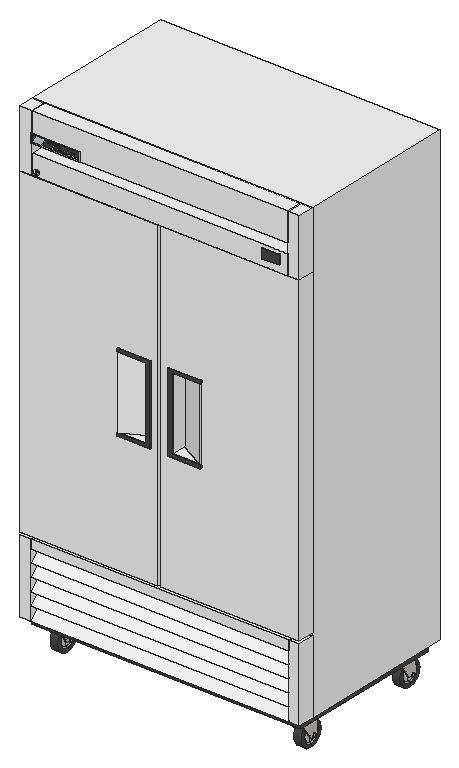
Revit family "QF_TRUE_T-43-HC_cat", category Specialty Equipment, Revit 2016 (continued)
Definition of nested family "CASTER-LEGS1"
  Definition of nested family "6 Inches Leg & Caster"
    Reference planes (in)
      plane 3 "LEFT": x = 0
      plane 4 "RIGHT": x = 0
      plane 5 "FRONT": y = 0
      plane 6 "TOP": z = 6.25
    Forms (in)
      Revolve 1, solid, visible <- "Show Casters"
        sketch origin (-2.21793, 0, -0.25) x (-1, 0, 0) y (0, 0, 1)
          loop
            line (-2.21793, 6) -> (-2.21793, 5.55584) -> (-0.93693, 5.55584) -> (-0.93693, 6) -> (-2.21793, 6)
          axis (-2.21793, 5.55584) -> (-2.21793, 6)
        angle from 0 to 360
      Extrusion 2, solid, visible <- "Show Casters"
        sketch origin (0.25594, 2.21793, -0.1875) x (0, 1, 0) y (0, 0, 1)
          loop
            line (-3.37793, 5.49334) -> (-3.37793, 5.24334) -> (-1.63015, 2.08504)
            arc (-1.63015, 2.08504) -> (-0.63555, 1.74359) -> (-0.1951, 2.69848) r 0.78437
            line (-0.1951, 2.69848) -> (-1.06726, 5.49334) -> (-3.37793, 5.49334)
        from 0.78968 to 0.90247
      Extrusion 3, solid, visible <- "Show Casters"
        sketch origin (0, 0, 5.75) x (0, 1, 0) y (-1, 0, 0)
          loop
            circle (0, 0) r 0.75
        from 0 to 0.5
      Extrusion 4, solid, visible <- "Show Casters"
        sketch origin (-0.25594, 2.21793, -0.1875) x (0, 1, 0) y (0, 0, -1)
          loop
            line (-3.37793, -5.49334) -> (-1.06726, -5.49334) -> (-0.1951, -2.69848)
            arc (-0.1951, -2.69848) -> (-0.63555, -1.74359) -> (-1.63015, -2.08504) r 0.78437
            line (-1.63015, -2.08504) -> (-3.37793, -5.24334) -> (-3.37793, -5.49334)
        from 0.78968 to 0.90247
      Extrusion 5, solid, visible <- "Show Casters"
        sketch origin (0, 0, 0.75) x (0, 1, 0) y (0, 0, 1)
          loop
            line (-1.16, 4.55584) -> (-1.16, 4.30584) -> (1.15067, 4.30584) -> (1.15067, 4.55584) -> (-1.16, 4.55584)
        from -1.04562 to 1.04562
      Revolve 6, solid, visible <- "Show Casters"
        sketch origin (-1.9375, 1.23015, -0.12802) x (1, 0, 0) y (0, 0, 1)
          loop
            line (0.5843, 2.5041) -> (0.5843, 2.3661) -> (0.6343, 2.3161) -> (0.6943, 2.3161) -> (0.6943, 2.1804) -> (1.1725, 2.1804) -> (1.1725, 1.78493) -> (1.31307, 1.70377) -> (1.42647, 1.00302) -> (1.28125, 1.00302) -> (1.28125, 0.75302) -> (1.3125, 0.75302) -> (1.3125, 0.50302)
            arc (1.3125, 0.50302) -> (1.42233, 0.23785) -> (1.6875, 0.12802) r 0.375
            line (1.6875, 0.12802) -> (2.1875, 0.12802)
            arc (2.1875, 0.12802) -> (2.45267, 0.23785) -> (2.5625, 0.50302) r 0.375
            line (2.5625, 0.50302) -> (2.5625, 0.75302) -> (2.59375, 0.75302) -> (2.59375, 1.00302) -> (2.44853, 1.00302) -> (2.5625, 1.70728) -> (2.7025, 1.78811) -> (2.7025, 2.1804) -> (3.1807, 2.1804) -> (3.1807, 2.3161) -> (3.2407, 2.3161) -> (3.2907, 2.3661) -> (3.2907, 2.5041) -> (0.5843, 2.5041)
          axis (0.5843, 2.5041) -> (3.2907, 2.5041)
        angle from 0 to 360
    Cuts and joins
      joined: Extrusion 2, Extrusion 4, Extrusion 5
    Lines and regions (in)
      symbolic lines, visible <- "Show Casters"
        curve 1: line (0.46086, 2.04455, 0) -> (1.54339, 1.41955, 0)
        curve 2: line (-1.53914, -1.41955, 0) -> (0.46086, 2.04455, 0)
        curve 3: line (-0.45661, -2.04455, 0) -> (-1.53914, -1.41955, 0)
        curve 4: line (1.54339, 1.41955, 0) -> (-0.45661, -2.04455, 0)
    Dimensions and locks (in)
      plane 6 "TOP" to level = 6 1/4"  (x2)
      aligned and locked: level to plane 2
  Definition of nested family "C2.5"
    Parameters
      Weight = ""
      URL Manufacturer = ""
      URL Cutsheet = ""
      URL = ""
      Type Mark [instance] = ""
      Status [instance] = ""
      Specification by User [instance] = ""
      Specification by Manufacturer = ""
      Serial Number = ""
      Seismic Rating = ""
      SMACNA No = ""
      Revision Code [instance] = ""
      Omniclass Number and Title = ""
      NAFEM Spec ID Number = ""
      Model = ""
      MasterSpec. = ""
      Manufacturer = ""
      Item Number [instance] = ""
      Installed By [instance] = ""
      Identify Quantity as Lot [instance] = yes
      Furnished By [instance] = ""
      Foodservice Equipment Identifier [instance] = yes
      Description = ""
      CSI MasterFormat = ""
      CSI Master Format = ""
      Assembly Code = ""
      2.5 Inches Caster [instance] = yes
    Reference planes (in)
      plane 1: z = 0
      plane 2 "RIGHT": x = 0
      plane 3 "FRONT": y = 0
      plane 4 "TOP": z = 2.5
    Forms (in)
      Revolve 1, solid, visible <- "2.5 Inches Caster"
        sketch origin (-1.93794, 0.83816, -1.0041) x (1, 0, 0) y (0, 0, 1)
          loop
            line (0.74055, 1.92597) -> (0.74055, 1.85047) -> (0.79055, 1.80047) -> (0.85055, 1.80047) -> (0.85055, 1.6804) -> (1.235, 1.6804) -> (1.235, 1.61305) -> (1.38673, 1.52545) -> (1.4003, 1.4416) -> (1.34375, 1.4416) -> (1.34375, 1.3166) -> (1.375, 1.3166) -> (1.375, 1.0041) -> (2.48438, 1.0041) -> (2.48438, 1.3166) -> (2.51563, 1.3166) -> (2.51563, 1.4416) -> (2.45908, 1.4416) -> (2.47322, 1.52897) -> (2.62438, 1.61624) -> (2.62438, 1.6804) -> (3.04007, 1.6804) -> (3.04007, 1.80047) -> (3.10007, 1.80047) -> (3.15007, 1.85047) -> (3.15007, 1.92597) -> (0.74055, 1.92597)
          axis (0.74055, 1.92597) -> (3.15007, 1.92597)
        angle from 0 to 360
      Extrusion 2, solid, visible <- "2.5 Inches Caster"
        sketch origin (-1.93794, 1.80294, -3.2541) x (0, 1, 0) y (0, 0, 1)
          loop
            line (-0.64294, 5.43229) -> (-0.64294, 5.55298) -> (-2.21294, 5.55298) -> (-2.21294, 5.30272) -> (-1.81966, 5.30272)
            arc (-1.81966, 5.30272) -> (-1.13638, 5.20789) -> (-0.46376, 5.05475) r 8.02767
            arc (-0.46376, 5.05475) -> (-0.19511, 4.95469) -> (0.05138, 4.80832) r 1.60049
            line (0.05138, 4.80832) -> (0.12713, 4.91318)
            arc (0.12713, 4.91318) -> (-0.07255, 5.06376) -> (-0.29048, 5.18644) r 1.8753
            line (-0.29048, 5.18644) -> (-0.22239, 5.30423)
            arc (-0.22239, 5.30423) -> (-0.42776, 5.38437) -> (-0.64294, 5.43229) r 1.44292
        from 1.17357 to 2.70231
      Revolve 3, solid, visible <- "2.5 Inches Caster"
        sketch origin (0, 2.10856, -3.75) x (0, 1, 0) y (0, 0, 1)
          loop
            line (-1.73858, 6.25) -> (-1.73858, 6.04889) -> (-1.05793, 6.04889) -> (-1.05793, 6.25) -> (-1.73858, 6.25)
          axis (-1.73858, 6.04889) -> (-1.73858, 6.25)
        angle from 0 to 360
      Extrusion 4, solid, visible <- "2.5 Inches Caster"
        sketch origin (-1.98481, 1.80294, -1.7541) x (0, 1, 0) y (0, 0, 1)
          loop
            line (-2.21294, 4.05298) -> (-2.21294, 3.80272) -> (-2.13999, 3.80272)
            arc (-2.13999, 3.80272) -> (-1.62379, 3.51899) -> (-1.39241, 2.97729) r 0.90292
            arc (-1.39241, 2.97729) -> (-1.36136, 2.78161) -> (-1.29729, 2.59413) r 1.15385
            arc (-1.29729, 2.59413) -> (-0.94802, 2.37355) -> (-0.6121, 2.61396) r 0.37001
            arc (-0.6121, 2.61396) -> (-0.59625, 2.66241) -> (-0.58446, 2.712) r 0.61695
            arc (-0.58446, 2.712) -> (-0.36134, 3.11665) -> (0.05609, 3.31484) r 0.75313
            line (0.05609, 3.31484) -> (0.12713, 3.41318)
            arc (0.12713, 3.41318) -> (-0.07255, 3.56376) -> (-0.29048, 3.68644) r 1.8753
            line (-0.29048, 3.68644) -> (-0.22239, 3.80423)
            arc (-0.22239, 3.80423) -> (-0.42776, 3.88437) -> (-0.64294, 3.93229) r 1.44292
            line (-0.64294, 3.93229) -> (-0.64294, 4.05298) -> (-2.21294, 4.05298)
        from 2.74918 to 2.90825
      Extrusion 5, solid, visible <- "2.5 Inches Caster"
        sketch origin (1.98481, 1.80294, -1.7541) x (0, 1, 0) y (0, 0, -1)
          loop
            line (-2.21294, -4.05298) -> (-0.64294, -4.05298) -> (-0.64294, -3.93229)
            arc (-0.64294, -3.93229) -> (-0.42776, -3.88437) -> (-0.22239, -3.80423) r 1.44292
            line (-0.22239, -3.80423) -> (-0.29048, -3.68644)
            arc (-0.29048, -3.68644) -> (-0.07255, -3.56376) -> (0.12713, -3.41318) r 1.8753
            line (0.12713, -3.41318) -> (0.05609, -3.31484)
            arc (0.05609, -3.31484) -> (-0.36134, -3.11665) -> (-0.58446, -2.712) r 0.75313
            arc (-0.58446, -2.712) -> (-0.59625, -2.66241) -> (-0.6121, -2.61396) r 0.61695
            arc (-0.6121, -2.61396) -> (-0.94802, -2.37355) -> (-1.29729, -2.59413) r 0.37001
            arc (-1.29729, -2.59413) -> (-1.36136, -2.78161) -> (-1.39241, -2.97729) r 1.15385
            arc (-1.39241, -2.97729) -> (-1.62379, -3.51899) -> (-2.13999, -3.80272) r 0.90292
            line (-2.13999, -3.80272) -> (-2.21294, -3.80272) -> (-2.21294, -4.05298)
        from 2.74918 to 2.90825
    Lines and regions (in)
      symbolic lines, visible <- "2.5 Inches Caster"
        curve 1: line (0.10651, 1.96132, 0) -> (0.80944, 1.55548, 0)
        curve 2: line (-0.89349, 0.22927, 0) -> (0.10651, 1.96132, 0)
        curve 3: line (-0.19056, -0.17657, 0) -> (-0.89349, 0.22927, 0)
        curve 4: line (0.80944, 1.55548, 0) -> (-0.19056, -0.17657, 0)
    Dimensions and locks (in)
      plane 4 "TOP" to level = 2 1/2"  (x2)
      aligned and locked: level to plane 1
  Definition of nested family "3 INCHES 02_CASTER"
    Parameters (values of type "3 INCHES 02_CASTER")
      Weight = ""
      URL Manufacturer = ""
      URL Cutsheet = ""
      URL = ""
      Type Mark [instance] = ""
      Specification by User [instance] = ""
      Specification by Manufacturer = ""
      Show 3" Casters [instance] = yes
      Serial Number = ""
      Seismic Rating = ""
      SMACNA No = ""
      Revision Code [instance] = ""
      Omniclass Number and Title = ""
      NAFEM Spec ID Number = ""
      Model = ""
      MasterSpec. = ""
      Manufacturer = ""
      Item Number [instance] = ""
      Installed By [instance] = ""
      Identify Quantity as Lot [instance] = yes
      Furnished By [instance] = ""
      Foodservice Equipment Identifier [instance] = yes
      Description = ""
      CSI MasterFormat = ""
      CSI Master Format = ""
      Assembly Code = ""
    Reference planes (in)
      plane 1: z = 0
      plane 2 "RIGHT": x = 0
      plane 3 "FRONT": y = 0
      plane 4 "TOP": z = 3
    Forms (in)
      Revolve 1, solid, visible <- "Show 3" Casters"
        sketch origin (-2, 0.6832, 0.25) x (1, 0, 0) y (0, 0, 1)
          loop
            line (1.475, 1.75) -> (1.375, 1.65) -> (1.375, 0.85871) -> (1.05969, 0.85871) -> (1.05969, 0.75) -> (2.94031, 0.75) -> (2.94031, 0.85871) -> (2.62908, 0.85871) -> (2.62908, 1.64592) -> (2.525, 1.75) -> (1.475, 1.75)
          axis (2.94031, 0.75) -> (1.05969, 0.75)
        angle from 0 to 360
      Revolve 2, solid, visible <- "Show 3" Casters"
        sketch origin (-2, 0, -2.47972) x (1, 0, 0) y (0, 0, 1)
          loop
            line (2, 5.24546) -> (2, 5.47972) -> (0.70293, 5.47972) -> (0.70293, 5.24546) -> (2, 5.24546)
          axis (2, 5.24546) -> (2, 5.47972)
        angle from 0 to 360
      Extrusion 3, solid, visible <- "Show 3" Casters"
        sketch origin (-49.78125, 28.5625, -1.97972) x (0, 1, 0) y (0, 0, 1)
          loop
            line (-29.95136, 4.74546) -> (-29.95136, 4.14061) -> (-27.20325, 4.14061) -> (-27.20325, 4.74546) -> (-29.95136, 4.74546)
        from 49.10625 to 50.45625
      Extrusion 4, solid, visible <- "Show 3" Casters"
        sketch origin (-2, 28.5625, -1.96999) x (0, 1, 0) y (0, 0, 1)
          loop
            arc (-28.22343, 2.71999) -> (-27.57479, 2.6066) -> (-27.20325, 3.15024) r 0.60806
            line (-27.20325, 3.15024) -> (-27.20325, 4.73574) -> (-29.95136, 4.73574) -> (-29.95136, 4.13089) -> (-28.22343, 2.71999)
        from 1.175 to 1.325
      Extrusion 5, solid, visible <- "Show 3" Casters"
        sketch origin (2, 28.5625, -1.96999) x (0, 1, 0) y (0, 0, -1)
          loop
            line (-29.95136, -4.73574) -> (-27.20325, -4.73574) -> (-27.20325, -3.15024)
            arc (-27.20325, -3.15024) -> (-27.57479, -2.6066) -> (-28.22343, -2.71999) r 0.60806
            line (-28.22343, -2.71999) -> (-29.95136, -4.13089) -> (-29.95136, -4.73574)
        from 1.175 to 1.325
    Lines and regions (in)
      symbolic lines, visible <- "Show 3" Casters"
        curve 1: line (0.10651, 1.11757, 0) -> (0.80944, 0.71173, 0)
        curve 2: line (-0.89349, -0.61448, 0) -> (0.10651, 1.11757, 0)
        curve 3: line (-0.19056, -1.02032, 0) -> (-0.89349, -0.61448, 0)
        curve 4: line (0.80944, 0.71173, 0) -> (-0.19056, -1.02032, 0)
    Dimensions and locks (in)
      plane 4 "TOP" to level = 3"  (x2)
      aligned and locked: level to plane 1
      aligned and locked: Extrusion 3 to Revolve 2
      aligned and locked: Revolve 2 to Revolve 2
